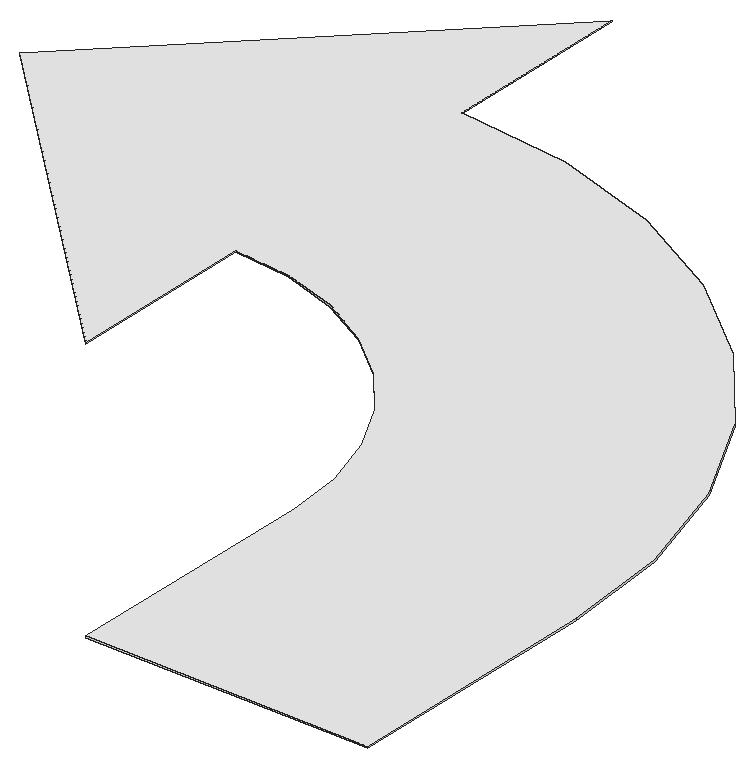
Revit family "M_Setas de direção - Curva", category Terreno, Revit 2019
Family settings
  Cota do conector redondo = Utilizar diâmetro
  Tipo de parte = Normal
  ID de item do Seek = Direction Arrows - Turn-0000-CAN-ENU
  Com base no plano de trabalho = Não
  Sempre na vertical = Não
  Corte com vazios quando carregada = Não
  Compartilhado = Não
Reference planes
  plane 1 "Centro (Frente/Trás)": y = 0
  plane 2: z = 0
  plane 3 "Centro (Esquerda/Direita)": x = 0
Forms (mm)
  Extrusion 1, solid, material "Pintura - Branco"
    sketch origin (0, 0, 0) x (1, 0, 0) y (0, 1, 0)
      loop
        line (152.4, 0) -> (152.4, 281.643)
        arc (152.4, 281.643) -> (-29.539, 720.883) -> (-468.778, 902.822) r 621.178
        line (-468.778, 902.822) -> (-468.778, 1106.022) -> (-824.378, 750.422) -> (-468.778, 394.822) -> (-468.778, 598.022)
        arc (-468.778, 598.022) -> (-245.065, 505.356) -> (-152.4, 281.643) r 316.378
        line (-152.4, 281.643) -> (-152.4, 0) -> (152.4, 0)
    from 0 to 1.587
